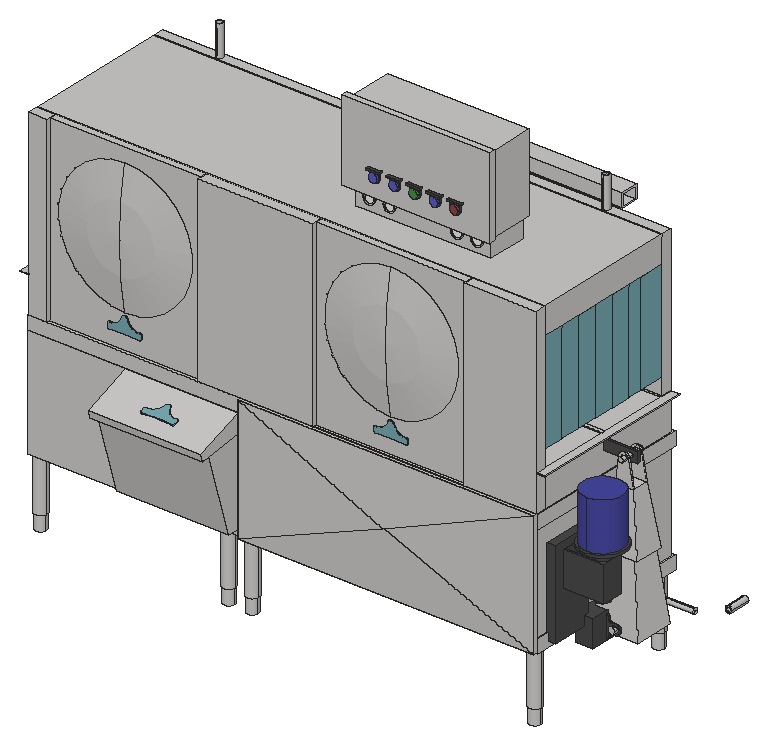
Revit family
Parameters (values of type "208/60/1")
  Width = 6' - 3 1/2"  # constant formula
  Weight in Pounds = 1350  # constant formula
  Watermarked By = "http://revitwatermark.com"
  Waste Water Discharge Temperature [instance] = -459.67 °F
  Volts = 208 V
  Ventilation Remarks [instance] = ""
  URL Cutsheet = ""
  URL = "www.stero.com"
  Total Height = 5' - 10 1/2"
  Table Height = 2' - 10"
  Swing Doors [instance] = no
  Steam Supply Volume [instance] = 0.00 GPM
  Steam Supply Size = 3/4"
  Steam Supply RI Height [instance] = 0' - 0"
  Steam Supply Minimum Pressure = 15.00 psi
  Steam Supply Maximum Pressure = 40.00 psi
  Steam Supply Connection Height = 0' - 10"
  Steam Pounds per Hour = 100
  Status [instance] = ""
  Standard Doors [instance] = not(Swing Doors)  # yes
  Specification by User [instance] = ""
  Specification by Manufacturer = ""
  Single Door Opening [instance] = if(Swing Doors, 2' 0", 1' 10 1/2")  # 1' - 10 1/2"
  Serial Number [instance] = ""
  Seismic Rating [instance] = ""
  SMACNA No [instance] = ""
  Right Ventilation Remarks [instance] = ""
  Right Vent [instance] = no
  Right Exhaust Volume [instance] = if(Right Vent, 400 CFM, 0 CFM)  # 0 CFM
  Right Exhaust Vent Width = 0' - 3 7/8"
  Right Exhaust Vent Text = "Vent, Unload End"  # constant formula
  Right Exhaust Vent Depth = 2' - 0 7/8"
  Right Exhaust Static Press = 0.00 in-wg
  Right Exhaust RI Height [instance] = 0' - 0"
  Right Exhaust Item Number [instance] = "-"
  Right Drain [instance] = not(Left Drain)  # yes
  Revision Code [instance] = ""
  Plumbing Remarks [instance] = ""
  Plumbing Connection Type [instance] = ""
  Phase = 1
  Number of Poles [instance] = 1
  NAFEM Spec ID Number [instance] = ""
  Model = "ER-76S"
  Mechanical Remarks [instance] = ""
  Mechanical Connection Type [instance] = ""
  Masterspec = ""
  Manufacturer = "Stero"
  Machine Height = 4' - 7 1/2"
  Left Vent [instance] = no
  Left Drain [instance] = no
  Item Number [instance] = "-"
  Installed By [instance] = ""
  Indirect Waste Size = 2"
  Indirect Waste Flow [instance] = 0.00 GPM
  Indirect Waste Connection Type [instance] = ""
  Indirect Waste Connection Height = 0' - 6"
  Hot Water Usage Rack = "0.5 Gal/Rack"
  Hot Water Usage = "118 GPH"
  Hot Water Temperature = 180 °F
  Hot Water Size = 3/4"
  Hot Water RI Height [instance] = 0' - 0"
  Hot Water Minimum Pressure = 20.00 psi
  Hot Water Maximum Pressure = 20.00 psi
  Hot Water Flow = 1.97 GPM
  Hot Water Consumption = 1.97 GPM
  Hot Water Connection Height = 5' - 0"
  HP = "3.58"  # constant formula
  Furnished By [instance] = ""
  Foodservice Equipment Identifier [instance] = yes
  FL Amps = 12.5 A
  Exhaust Volume [instance] = if(Left Vent, 200 CFM, 0 CFM)  # 0 CFM
  Exhaust Vent Width = 0' - 3 7/8"
  Exhaust Vent Text = "Vent, Load End"  # constant formula
  Exhaust Vent Depth = 2' - 0 7/8"
  Exhaust Static Press = 0.00 in-wg
  Exhaust RI Height [instance] = 0' - 0"
  Electrical Remarks [instance] = ""
  Electric Connection Type [instance] = ""
  Elec Conn RI Height [instance] = 0' - 0"
  Elec Conn Connection Height = 5' - 8 1/2"
  Double Door Opening [instance] = if(Swing Doors, 3' 0", 1' 10 1/2")  # 1' - 10 1/2"
  Description = "Dishwasher, Conveyor"
  Depth = 2' - 1"
  Cycle = 60 Hz
  Conn Conduit = yes
  Condensate Return Size = 1/2"
  Condensate Return RI Height [instance] = 0' - 0"
  Condensate Return Connection Height = 0' - 8"
  Cold Water Temperature Recommended [instance] = -459.67 °F
  Cold Water Size = 3/4"
  Cold Water RI Height [instance] = 0' - 0"
  Cold Water Minimum Pressure [instance] = 0.00 psi
  Cold Water Maximum Pressure [instance] = 0.00 psi
  Cold Water Flow [instance] = 0.00 GPM
  Cold Water Consumption [instance] = ""
  Cold Water Connection Height = 5' - 0"
  CSI MasterFormat = "11 48 13"
  Building Plumbing Remarks [instance] = ""
  Building Hot Water Temperature = 140 °F
  Building Hot Water Size = 3/4"
  Building Hot Water RI Height [instance] = 0' - 0"
  Building Hot Water Minimum Pressure = 20.00 psi
  Building Hot Water Maximum Pressure = 20.00 psi
  Building Hot Water Flow [instance] = 0.00 GPM
  Building Hot Water Consumption [instance] = 0.00 GPM
  Building Hot Water Connection Height = 5' - 0"
  Building HW Item Number [instance] = "-"
  Assembly Code = "E1090320"
  Apparent Power = if(Phase = 3, Volts * FL Amps * 1.73, Volts * FL Amps)  # 2600 VA
Reference planes (in)
  plane 1: z = 0
  plane 2 "Left of Bottom": x = 2.32772
  plane 3 "BACK": y = -48
  plane 4 "TOP": z = 70.5
  plane 5 "RIGHT": x = 46.32772
  plane 6 "FRONT": y = -73
  plane 7 "Right of Top": x = 46.07772
  plane 8 "Right of Ledge": x = 47.57772
  plane 9 "Right End Cowl": x = 56.32772
  plane 10: x = 49.39022
  plane 11 "Bottom of Machine": z = 10
  plane 12 "Table Height": z = 34
  plane 13 "Top of Machine": z = 55.5
  plane 14 "Panel Top": z = 28.5
  plane 15: z = 12
  plane 16: y = -73.5
  plane 17: y = -47.5
  plane 18: x = 2.07772
  plane 19 "Right of Bottom": x = 46.57772
  plane 20: y = -49.625
  plane 21: y = -71.375
  plane 22 "Door Center": x = 24.32772
  plane 23: x = 13.07772
  plane 24: x = 35.57772
  plane 25 "Top of Opening": z = 51.5
  plane 26: z = 2.25
  plane 27: x = 14.32772
  plane 28: x = 34.32772
  plane 29: x = 13.32772
  plane 30: x = 35.32772
  plane 31 "Front of Lower Panel": y = -66.5
  plane 32: y = -60.5
  plane 33: y = -67
  plane 34 "Back of Panel": y = -60
  plane 35 "Front of Upper Panel": y = -68
  plane 36: x = 13.82772
  plane 37: x = 34.82772
  plane 38: x = 56.20272
  plane 39: x = 53.26522
  plane 40: y = -48.0625
  plane 41: y = -72.9375
  plane 42 "Top of Vents": z = 59.5
  plane 43: x = 9.82772
  plane 44: x = 38.82772
  plane 45: y = -45
  plane 46: z = 57.5
  plane 47: y = -43
  plane 48: z = 84.5
  plane 49: x = -39.17228
  plane 50: x = -32.23478
  plane 51: x = -39.04728
  plane 52: x = -36.10978
  plane 53 "Left of Middle": x = -29.29728
  plane 54 "LEFT": x = -29.17228
  plane 55: x = -30.42228
  plane 56: x = -28.92228
  plane 57: x = -3.98478
  plane 58: x = -26.48478
  plane 59 "Left of Bin": x = -14.67228
  plane 60: z = 13.625
  plane 61: z = 8.5
  plane 62 "Drain": y = -51
  plane 63: y = -80
  plane 64: z = 8
  plane 65: x = 52.32772
  plane 66: x = 57.32772
  plane 67: x = -26.23478
  plane 68: x = -4.23478
  plane 69: x = 13.32772
  plane 70: x = 35.32772
  plane 71: x = 25.76522
  plane 72: x = 24.39022
  plane 73: x = 24.26522
  plane 74: x = 22.89022
  plane 75: x = -5.42228
Forms (in)
  Extrusion 1, solid, material "QF_Finishes_Stainless Steel"
    sketch origin (0, 0, 10) x (0, 1, 0) y (-1, 0, 0)
      loop
        line (-47.5, -2.07772) -> (-73, -2.07772) -> (-73, -46.57772) -> (-47.5, -46.57772) -> (-47.5, -2.07772)
    from 0 to 2
  Extrusion 2, solid, material "QF_Finishes_Stainless Steel"
    sketch origin (0, 0, 28.5) x (0, 1, 0) y (-1, 0, 0)
      loop
        line (-48, -2.32772) -> (-73, -2.32772) -> (-73, -46.32772) -> (-48, -46.32772) -> (-48, -2.32772)
    from 0 to -16.5
  Extrusion 3, solid, material "QF_Finishes_Stainless Steel"
    sketch origin (0, 0, 34) x (0, 1, 0) y (-1, 0, 0)
      loop
        line (-48, -46.32772) -> (-73, -46.32772) -> (-73, -47.57772) -> (-48, -47.57772) -> (-48, -46.32772)
    from 0 to -0.125
  Extrusion 4, solid, material "QF_Finishes_Stainless Steel"
    sketch origin (0, 0, 34) x (0, 1, 0) y (-1, 0, 0)
      loop
        line (-48, 29.17228) -> (-71.375, 29.17228) -> (-71.375, -46.32772) -> (-48, -46.32772) -> (-48, 29.17228)
    from -0.25 to -5.5
  Extrusion 5, solid, material "QF_Finishes_Stainless Steel"
    sketch origin (0, 0, 34) x (0, 1, 0) y (-1, 0, 0)
      loop
        line (-60.25, 29.17228) -> (-60.75, 29.17228) -> (-60.75, -46.32772) -> (-60.25, -46.32772) -> (-60.25, 29.17228)
      loop
        line (-48, 29.17228) -> (-49.625, 29.17228) -> (-49.625, -46.32772) -> (-48, -46.32772) -> (-48, 29.17228)
    from 0 to -0.25
  Extrusion 6, solid, material "QF_Finishes_Stainless Steel"
    sketch origin (0, 0, 55.5) x (0, 1, 0) y (-1, 0, 0)
      loop
        line (-49.625, 29.17228) -> (-71.375, 29.17228) -> (-71.375, -46.32772) -> (-49.625, -46.32772) -> (-49.625, 29.17228)
    from 0 to -4
  Extrusion 7, solid, material "QF_Finishes_Stainless Steel"
    sketch origin (0, 0, 55.5) x (0, 1, 0) y (-1, 0, 0)
      loop
        line (-48, 29.17228) -> (-49.625, 29.17228) -> (-49.625, -46.32772) -> (-48, -46.32772) -> (-48, 29.17228)
    from 0 to -21.5
  Extrusion 8, solid, material "QF_Finishes_Stainless Steel"
    sketch origin (0, -73, 0) x (-1, 0, 0) y (0, 0, 1)
      loop
        line (3.98478, 55.5) -> (-13.07772, 55.5) -> (-13.07772, 28.5) -> (3.98478, 28.5) -> (3.98478, 55.5)
    from 0 to 1.625
  Blend 9, solid, material "QF_Finishes_Stainless Steel"
    base sketch origin (-15.01335, -74, 48) x (-1, 0, 0) y (0, 0, 1)
      loop
        line (-17.34107, -19.5) -> (-61.34107, -19.5) -> (-61.34107, -38) -> (-17.34107, -38) -> (-17.34107, -19.5)
    top sketch origin (-15.01335, -74, 48) x (-1, 0, 0) y (0, 0, 1)
      loop
        line (-39.37232, -28.71875) -> (-39.37232, -28.78125) -> (-39.30982, -28.78125) -> (-39.30982, -28.71875) -> (-39.37232, -28.71875)
    from 0.5 to 0
  Extrusion 10, solid, material "QF_Finishes_Stainless Steel"
    sketch origin (0, 0, 10) x (0, 1, 0) y (-1, 0, 0)
      loop
        line (-73, -2.32772) -> (-73.5, -2.32772) -> (-73.5, -46.32772) -> (-73, -46.32772) -> (-73, -2.32772)
    from 0 to 18.5
  Extrusion 11, solid, material "QF_Finishes_Stainless Steel"
    sketch origin (0, -73, 0) x (-1, 0, 0) y (0, 0, 1)
      loop
        line (-35.57772, 55.5) -> (-46.32772, 55.5) -> (-46.32772, 28.5) -> (-35.57772, 28.5) -> (-35.57772, 55.5)
    from 0 to 1.625
  Extrusion 12, solid, material "QF_Finishes_Stainless Steel", visible <- "Standard Doors"
    sketch origin (0, 0, 55.5) x (0, 1, 0) y (-1, 0, 0)
      loop
        line (-71.375, -13.07772) -> (-72.5, -13.07772) -> (-72.5, -35.57772) -> (-71.375, -35.57772) -> (-71.375, -13.07772)
    from 0 to -27
  Revolve 13, solid, material "QF_Finishes_Stainless Steel", visible <- "Standard Doors"
    sketch origin (24.32772, 0, 0) x (0, 1, 0) y (0, 0, 1)
      loop
        line (-72.5, 43.5) -> (-72.5, 53.5)
        arc (-72.5, 53.5) -> (-73.26244, 48.52624) -> (-73.5, 43.5) r 48
        line (-73.5, 43.5) -> (-72.5, 43.5)
      axis (-72.5, 43.5) -> (-73.5, 43.5)
    angle from 0 to 360
  Extrusion 14, solid, material "QF_Finishes_Stainless Steel"
    sketch origin (0, 0, 0) x (1, 0, 0) y (0, 1, 0)
      loop
        circle (3.32772, -49) r 0.8125
    from 0 to 2.25
  Extrusion 15, solid, material "QF_Finishes_Stainless Steel"
    sketch origin (0, 0, 0) x (1, 0, 0) y (0, 1, 0)
      loop
        circle (3.32772, -49) r 0.9375
    from 2.25 to 10
  Extrusion 16, solid, material "QF_Finishes_Stainless Steel"
    sketch origin (48.65544, 0, 0) x (-1, 0, 0) y (0, -1, 0)
      loop
        circle (3.32772, 49) r 0.8125
    from 0 to 2.25
  Extrusion 17, solid, material "QF_Finishes_Stainless Steel"
    sketch origin (48.65544, 0, 0) x (-1, 0, 0) y (0, -1, 0)
      loop
        circle (3.32772, 49) r 0.9375
    from 2.25 to 10
  Extrusion 18, solid, material "QF_Finishes_Stainless Steel"
    sketch origin (0, -121, 0) x (1, 0, 0) y (0, 1, 0)
      loop
        circle (3.32772, 49) r 0.8125
    from 0 to 2.25
  Extrusion 19, solid, material "QF_Finishes_Stainless Steel"
    sketch origin (0, -121, 0) x (1, 0, 0) y (0, 1, 0)
      loop
        circle (3.32772, 49) r 0.9375
    from 2.25 to 10
  Extrusion 20, solid, material "QF_Finishes_Stainless Steel"
    sketch origin (48.65544, -121, 0) x (-1, 0, 0) y (0, -1, 0)
      loop
        circle (3.32772, -49) r 0.8125
    from 0 to 2.25
  Extrusion 21, solid, material "QF_Finishes_Stainless Steel"
    sketch origin (48.65544, -121, 0) x (-1, 0, 0) y (0, -1, 0)
      loop
        circle (3.32772, -49) r 0.9375
    from 2.25 to 10
  Extrusion 22, solid, material "QF_Finishes_Light Blue"
    sketch origin (0, 0, 51.5) x (0, 1, 0) y (-1, 0, 0)
      loop
        line (-49.625, -46.32772) -> (-49.625, -46.20272) -> (-53.625, -46.20272) -> (-53.625, -46.32772) -> (-49.625, -46.32772)
      loop
        line (-53.75, -46.32772) -> (-53.75, -46.20272) -> (-55.75, -46.20272) -> (-55.75, -46.32772) -> (-53.75, -46.32772)
      loop
        line (-55.875, -46.32772) -> (-55.875, -46.20272) -> (-58.875, -46.20272) -> (-58.875, -46.32772) -> (-55.875, -46.32772)
      loop
        line (-59, -46.32772) -> (-59, -46.20272) -> (-62, -46.20272) -> (-62, -46.32772) -> (-59, -46.32772)
      loop
        line (-62.125, -46.32772) -> (-62.125, -46.20272) -> (-65.125, -46.20272) -> (-65.125, -46.32772) -> (-62.125, -46.32772)
      loop
        line (-65.25, -46.32772) -> (-65.25, -46.20272) -> (-68.25, -46.20272) -> (-68.25, -46.32772) -> (-65.25, -46.32772)
      loop
        line (-68.375, -46.32772) -> (-68.375, -46.20272) -> (-71.375, -46.20272) -> (-71.375, -46.32772) -> (-68.375, -46.32772)
    from 0 to -15
  Extrusion 23, solid, material "QF_Finishes_Stainless Steel"
    sketch origin (0, 0, 55.5) x (0, 1, 0) y (-1, 0, 0)
      loop
        line (-60.5, -14.32772) -> (-66.5, -14.32772) -> (-66.5, -34.32772) -> (-60.5, -34.32772) -> (-60.5, -14.32772)
    from 0 to 3.5
  Extrusion 24, solid, material "QF_Finishes_Stainless Steel"
    sketch origin (0, 0, 55.5) x (0, 1, 0) y (-1, 0, 0)
      loop
        line (-60, -13.82772) -> (-67, -13.82772) -> (-67, -34.82772) -> (-60, -34.82772) -> (-60, -13.82772)
    from 3 to 14.5
  Extrusion 25, solid, material "QF_Finishes_Stainless Steel"
    sketch origin (0, 0, 55.5) x (0, 1, 0) y (-1, 0, 0)
      loop
        line (-67, -13.32772) -> (-68, -13.32772) -> (-68, -35.32772) -> (-67, -35.32772) -> (-67, -13.32772)
    from 3 to 15
  Extrusion 26, solid, material "QF_Finishes_Stainless Steel"
    sketch origin (0, -66.5, 0) x (-1, 0, 0) y (0, 0, 1)
      loop
        circle (-16.32772, 57.25) r 0.75
      loop
        circle (-16.32772, 57.25) r 0.875
    from 0 to -0.125
  Extrusion 27, solid, material "QF_Finishes_White"
    sketch origin (0, -66.5, 0) x (-1, 0, 0) y (0, 0, 1)
      loop
        circle (-16.32772, 57.25) r 0.75
    from 0 to -0.0625
  Extrusion 28, solid, material "QF_Finishes_Stainless Steel"
    sketch origin (48.65544, -66.5, 0) x (1, 0, 0) y (0, 0, -1)
      loop
        circle (-16.32772, -57.25) r 0.75
      loop
        circle (-16.32772, -57.25) r 0.875
    from 0 to -0.125
  Extrusion 29, solid, material "QF_Finishes_White"
    sketch origin (48.65544, -66.5, 0) x (1, 0, 0) y (0, 0, -1)
      loop
        circle (-16.32772, -57.25) r 0.75
    from 0 to -0.0625
  Extrusion 30, solid, material "QF_Finishes_Black"
    sketch origin (1.5, -68, 0) x (-1, 0, 0) y (0, 0, 1)
      loop
        line (-23.82772, 62.5) -> (-23.82772, 62.25) -> (-21.82772, 62.25) -> (-21.82772, 62.5) -> (-23.82772, 62.5)
      loop
        line (-20.82772, 62.5) -> (-20.82772, 62.25) -> (-18.82772, 62.25) -> (-18.82772, 62.5) -> (-20.82772, 62.5)
      loop
        line (-24.82772, 62.5) -> (-26.82772, 62.5) -> (-26.82772, 62.25) -> (-24.82772, 62.25) -> (-24.82772, 62.5)
      loop
        line (-27.82772, 62.5) -> (-29.82772, 62.5) -> (-29.82772, 62.25) -> (-27.82772, 62.25) -> (-27.82772, 62.5)
      loop
        line (-17.82772, 62.5) -> (-17.82772, 62.25) -> (-15.82772, 62.25) -> (-15.82772, 62.5) -> (-17.82772, 62.5)
    from 0 to -0.5
  Extrusion 31, solid, material "QF_Finishes_Navy Blue"
    sketch origin (1.5, -68, 0) x (-1, 0, 0) y (0, 0, 1)
      loop
        circle (-19.82772, 61.375) r 0.625
    from -0.125 to -0.375
  Extrusion 32, solid, material "QF_Finishes_LED Green"
    sketch origin (4.5, -68, 0) x (-1, 0, 0) y (0, 0, 1)
      loop
        circle (-19.82772, 61.375) r 0.625
    from -0.125 to -0.375
  Extrusion 33, solid, material "QF_Finishes_Navy Blue"
    sketch origin (7.5, -68, 0) x (-1, 0, 0) y (0, 0, 1)
      loop
        circle (-19.82772, 61.375) r 0.625
    from -0.125 to -0.375
  Extrusion 34, solid, material "QF_Finishes_LED Red"
    sketch origin (10.5, -68, 0) x (-1, 0, 0) y (0, 0, 1)
      loop
        circle (-19.82772, 61.375) r 0.625
    from -0.125 to -0.375
  Extrusion 35, solid, material "QF_Finishes_Black"
    sketch origin (1.5, -68, 0) x (-1, 0, 0) y (0, 0, 1)
      loop
        arc (-20.57772, 61.375) -> (-19.82772, 60.625) -> (-19.07772, 61.375) r 0.75
        line (-19.07772, 61.375) -> (-19.07772, 62.25) -> (-20.57772, 62.25) -> (-20.57772, 61.375)
      loop
        arc (-23.57772, 61.375) -> (-22.82772, 60.625) -> (-22.07772, 61.375) r 0.75
        line (-22.07772, 61.375) -> (-22.07772, 62.25) -> (-23.57772, 62.25) -> (-23.57772, 61.375)
      loop
        arc (-26.57772, 61.375) -> (-25.82772, 60.625) -> (-25.07772, 61.375) r 0.75
        line (-25.07772, 61.375) -> (-25.07772, 62.25) -> (-26.57772, 62.25) -> (-26.57772, 61.375)
      loop
        arc (-29.57772, 61.375) -> (-28.82772, 60.625) -> (-28.07772, 61.375) r 0.75
        line (-28.07772, 61.375) -> (-28.07772, 62.25) -> (-29.57772, 62.25) -> (-29.57772, 61.375)
      loop
        arc (-17.57772, 61.375) -> (-16.82772, 60.625) -> (-16.07772, 61.375) r 0.75
        line (-16.07772, 61.375) -> (-16.07772, 62.25) -> (-17.57772, 62.25) -> (-17.57772, 61.375)
    from 0 to -0.125
  Extrusion 36, solid, material "QF_Finishes_Light Blue", visible <- "Standard Doors"
    sketch origin (0, -73, 0) x (-1, 0, 0) y (0, 0, 1)
      loop
        line (-23.71645, 30.65632) -> (-22.08461, 30.57309)
        arc (-22.08461, 30.57309) -> (-21.90443, 30.64773) -> (-21.82979, 30.82792) r 0.25483
        line (-21.82979, 30.82792) -> (-21.82979, 31.31285)
        arc (-21.82979, 31.31285) -> (-21.90343, 31.49062) -> (-22.08121, 31.56426) r 0.25142
        arc (-22.08121, 31.56426) -> (-23.22593, 31.7803) -> (-23.90311, 32.72819) r 1.56264
        arc (-23.90311, 32.72819) -> (-24.31726, 33.06213) -> (-24.74741, 32.74907) r 0.43733
        arc (-24.74741, 32.74907) -> (-25.42049, 31.78611) -> (-26.57423, 31.56426) r 1.56264
        arc (-26.57423, 31.56426) -> (-26.75201, 31.49062) -> (-26.82565, 31.31285) r 0.25142
        line (-26.82565, 31.31285) -> (-26.82565, 30.82792)
        arc (-26.82565, 30.82792) -> (-26.75101, 30.64773) -> (-26.57082, 30.57309) r 0.25483
        line (-26.57082, 30.57309) -> (-24.93898, 30.65632)
        arc (-24.93898, 30.65632) -> (-24.32772, 30.6719) -> (-23.71645, 30.65632) r 12
    from 0.5 to 0.4375
  Extrusion 37, solid, material "QF_Finishes_Stainless Steel", visible <- "Right Vent"
    sketch origin (46.07772, 0, 0) x (0, -1, 0) y (0, 0, 1)
      loop
        line (73, 55.5) -> (48, 55.5) -> (48, 50.5625) -> (49.625, 48.9375) -> (49.625, 49.11428) -> (48.125, 50.61428) -> (48.125, 55.375) -> (72.875, 55.375) -> (72.875, 39.17678) -> (71.375, 37.67678) -> (71.375, 37.5) -> (73, 39.125) -> (73, 55.5)
    from -0.25 to -10.125
  Extrusion 38, solid, material "QF_Finishes_Stainless Steel", visible <- "Right Vent"
    sketch origin (56.32772, 0, 0) x (0, 1, 0) y (0, 0, 1)
      loop
        line (-71.375, 37.5) -> (-71.375, 51.5) -> (-49.625, 51.5) -> (-49.625, 48.9375) -> (-48, 50.5625) -> (-48, 55.5) -> (-73, 55.5) -> (-73, 39.125) -> (-71.375, 37.5)
    from 0 to -0.125
  Extrusion 39, solid, material "QF_Finishes_Stainless Steel", visible <- "Right Vent"
    sketch origin (48.65544, 0, 55.5) x (0, 1, 0) y (-1, 0, 0)
      loop
        line (-48.0625, -4.60978) -> (-48.0625, -0.73478) -> (-72.9375, -0.73478) -> (-72.9375, -4.60978) -> (-48.0625, -4.60978)
      loop
        line (-48.1875, -4.48478) -> (-48.1875, -0.85978) -> (-72.8125, -0.85978) -> (-72.8125, -4.48478) -> (-48.1875, -4.48478)
    from 0 to 4
  Extrusion 40, void
    sketch origin (0, 0, 55.5) x (0, 1, 0) y (-1, 0, 0)
      loop
        line (-48.1875, -49.51522) -> (-72.8125, -49.51522) -> (-72.8125, -53.14022) -> (-48.1875, -53.14022) -> (-48.1875, -49.51522)
    from 0 to -0.125
  Extrusion 41, solid, material "QF_Finishes_Black"
    sketch origin (0, -73, 0) x (-1, 0, 0) y (0, 0, 1)
      loop
        line (-46.57772, 12) -> (-46.32772, 12) -> (-46.32772, 23.9375) -> (-47.70272, 23.9375) -> (-47.70272, 10.9375) -> (-46.57772, 10.9375) -> (-46.57772, 12)
    from 1.8125 to 7.8125
  Extrusion 42, solid, material "QF_Finishes_Black"
    sketch origin (0, 0, 10) x (0, 1, 0) y (-1, 0, 0)
      loop
        circle (-68.1875, -52.32772) r 1.0625
    from 7.1875 to 7.6875
  Extrusion 43, solid, material "QF_Finishes_Black"
    sketch origin (0, 0, 10) x (0, 1, 0) y (-1, 0, 0)
      loop
        circle (-68.1875, -52.32772) r 1.3125
    from 12.9375 to 13.4375
  Blend 44, solid, material "QF_Finishes_Black"
    base sketch origin (0, 0, 10) x (0, 1, 0) y (-1, 0, 0)
      loop
        circle (-68.1875, -52.32772) r 1.3125
    top sketch origin (0, 0, 10) x (0, 1, 0) y (-1, 0, 0)
      loop
        circle (-68.1875, -52.32772) r 2.0625
    from 13.4375 to 14.4375
  Extrusion 45, solid, material "QF_Finishes_Black"
    sketch origin (0, 0, 10) x (0, 1, 0) y (-1, 0, 0)
      loop
        circle (-68.1875, -52.32772) r 3.25
    from 14.4375 to 14.8125
  Extrusion 46, solid, material "QF_Finishes_Blue"
    sketch origin (0, 0, 10) x (0, 1, 0) y (-1, 0, 0)
      loop
        circle (-68.1875, -52.32772) r 2.875
    from 14.8125 to 21.9375
  Extrusion 47, solid, material "QF_Finishes_Black"
    sketch origin (0, -73, 0) x (-1, 0, 0) y (0, 0, 1)
      loop
        line (-46.32772, 33.1875) -> (-51.57772, 33.1875) -> (-51.57772, 31.6875) -> (-46.32772, 31.6875) -> (-46.32772, 33.1875)
      loop
        circle (-50.57772, 32.4375) r 0.375
    from 12.3125 to 12.6875
  Extrusion 48, solid, material "QF_Finishes_Black"
    sketch origin (0, -73, 0) x (-1, 0, 0) y (0, 0, 1)
      loop
        line (-46.32772, 12) -> (-46.32772, 12.4375) -> (-49.07772, 12.4375) -> (-49.07772, 8.4375) -> (-46.57772, 8.4375) -> (-46.57772, 12) -> (-46.32772, 12)
    from 7 to 18
  Extrusion 49, solid, material "QF_Finishes_Black"
    sketch origin (0, -73, 0) x (-1, 0, 0) y (0, 0, 1)
      loop
        line (-49.07772, 12.125) -> (-49.32772, 12.125)
        arc (-49.32772, 12.125) -> (-49.5045, 12.05178) -> (-49.57772, 11.875) r 0.25
        line (-49.57772, 11.875) -> (-49.57772, 11.5625)
        arc (-49.57772, 11.5625) -> (-49.68755, 11.29733) -> (-49.95272, 11.1875) r 0.375
        line (-49.95272, 11.1875) -> (-50.57772, 11.1875)
        arc (-50.57772, 11.1875) -> (-51.32772, 10.4375) -> (-50.57772, 9.6875) r 0.75
        line (-50.57772, 9.6875) -> (-49.95272, 9.6875)
        arc (-49.95272, 9.6875) -> (-49.68755, 9.57767) -> (-49.57772, 9.3125) r 0.375
        line (-49.57772, 9.3125) -> (-49.57772, 9)
        arc (-49.57772, 9) -> (-49.5045, 8.82322) -> (-49.32772, 8.75) r 0.25
        line (-49.32772, 8.75) -> (-49.07772, 8.75) -> (-49.07772, 12.125)
      loop
        circle (-50.57772, 10.4375) r 0.5
    from 9.375 to 9.5
  Extrusion 50, solid, material "QF_Finishes_Black"
    sketch origin (0, -66.875, 0) x (-1, 0, 0) y (0, 0, 1)
      loop
        line (-49.07772, 12.125) -> (-49.32772, 12.125)
        arc (-49.32772, 12.125) -> (-49.5045, 12.05178) -> (-49.57772, 11.875) r 0.25
        line (-49.57772, 11.875) -> (-49.57772, 11.5625)
        arc (-49.57772, 11.5625) -> (-49.68755, 11.29733) -> (-49.95272, 11.1875) r 0.375
        line (-49.95272, 11.1875) -> (-50.57772, 11.1875)
        arc (-50.57772, 11.1875) -> (-51.32772, 10.4375) -> (-50.57772, 9.6875) r 0.75
        line (-50.57772, 9.6875) -> (-49.95272, 9.6875)
        arc (-49.95272, 9.6875) -> (-49.68755, 9.57767) -> (-49.57772, 9.3125) r 0.375
        line (-49.57772, 9.3125) -> (-49.57772, 9)
        arc (-49.57772, 9) -> (-49.5045, 8.82322) -> (-49.32772, 8.75) r 0.25
        line (-49.32772, 8.75) -> (-49.07772, 8.75) -> (-49.07772, 12.125)
      loop
        circle (-50.57772, 10.4375) r 0.5
    from 9.375 to 9.5
  Extrusion 51, solid, material "QF_Finishes_Stainless Steel"
    sketch origin (0, -73, 0) x (-1, 0, 0) y (0, 0, 1)
      loop
        circle (-50.32772, 32.4375) r 0.375
      loop
        line (-51.06584, 32.57045) -> (-51.76522, 28.6875) -> (-49.14022, 28.6875) -> (-49.5896, 32.57045)
        arc (-49.5896, 32.57045) -> (-50.32772, 33.1875) -> (-51.06584, 32.57045) r 0.75
    from 11.25 to 11.375
  Extrusion 52, solid, material "QF_Finishes_Stainless Steel"
    sketch origin (0, -48, 0) x (-1, 0, 0) y (0, 0, -1)
      loop
        circle (-50.32772, -32.4375) r 0.375
      loop
        arc (-51.06584, -32.57045) -> (-50.32772, -33.1875) -> (-49.5896, -32.57045) r 0.75
        line (-49.5896, -32.57045) -> (-49.14022, -28.6875) -> (-51.76522, -28.6875) -> (-51.06584, -32.57045)
    from 11.25 to 11.375
  Extrusion 53, solid, material "QF_Finishes_Stainless Steel"
    sketch origin (0, -73, 0) x (-1, 0, 0) y (0, 0, 1)
      loop
        circle (-50.32772, 32.4375) r 0.375
    from 10.75 to 14.25
  Blend 54, solid, material "QF_Finishes_Stainless Steel"
    base sketch origin (0, 0, 34) x (0, 1, 0) y (-1, 0, 0)
      loop
        line (-58.25, -47.89022) -> (-62.75, -47.89022) -> (-62.75, -53.01522) -> (-58.25, -53.01522) -> (-58.25, -47.89022)
    top sketch origin (0, 0, 34) x (0, 1, 0) y (-1, 0, 0)
      loop
        line (-59.25, -49.14022) -> (-61.75, -49.14022) -> (-61.75, -51.76522) -> (-59.25, -51.76522) -> (-59.25, -49.14022)
    from -14.0625 to -5.3125
  Blend 55, solid, material "QF_Finishes_Stainless Steel"
    base sketch origin (0, 0, 25.25) x (0, 1, 0) y (-1, 0, 0)
      loop
        line (-57.5, -47.14022) -> (-63.5, -47.14022) -> (-63.5, -53.76522) -> (-57.5, -53.76522) -> (-57.5, -47.14022)
    top sketch origin (0, 0, 25.25) x (0, 1, 0) y (-1, 0, 0)
      loop
        line (-58.5, -48.14022) -> (-62.5, -48.14022) -> (-62.5, -52.51522) -> (-58.5, -52.51522) -> (-58.5, -48.14022)
    from -15.5625 to -5.3125
  Extrusion 56, solid, material "QF_Finishes_Stainless Steel"
    sketch origin (0, -73, -22) x (-1, 0, 0) y (0, 0, 1)
      loop
        circle (-50.32772, 32.4375) r 0.5
    from 9 to 16
  Extrusion 57, solid, material "QF_Finishes_Stainless Steel"
    sketch origin (0, 0, 55.5) x (0, 1, 0) y (-1, 0, 0)
      loop
        circle (-48.75, -37.32772) r 0.375
      loop
        circle (-48.75, -37.32772) r 0.5
    from 0 to 4.5
  Extrusion 58, solid, material "QF_Finishes_Stainless Steel"
    sketch origin (2.32772, 0, 0) x (0, 1, 0) y (0, 0, 1)
      loop
        line (-45, 57.5) -> (-47.75, 57.5) -> (-47.75, 55.5) -> (-45, 55.5) -> (-45, 57.5)
      loop
        line (-45.125, 57.375) -> (-47.625, 57.375) -> (-47.625, 55.625) -> (-45.125, 55.625) -> (-45.125, 57.375)
    from 7.5 to 36.5
  Extrusion 59, solid, material "QF_Finishes_Stainless Steel"
    sketch origin (2.32772, 0, 0) x (0, 1, 0) y (0, 0, 1)
      loop
        line (-47.75, 55.5) -> (-47.75, 55.625) -> (-48, 55.625) -> (-48, 55.5) -> (-47.75, 55.5)
    from 7.5 to 36.5
  Extrusion 60, solid, material "QF_Finishes_Stainless Steel"
    sketch origin (0, -60, 0) x (-1, 0, 0) y (0, 0, 1)
      loop
        circle (-34.32772, 68.5) r 0.25
    from 0 to 0.0625
  Extrusion 61, solid, material "QF_Finishes_Stainless Steel"
    sketch origin (0, -1, 10) x (0, 1, 0) y (-1, 0, 0)
      loop
        circle (-50, -18.32772) r 1
      loop
        circle (-50, -18.32772) r 1.125
    from 0 to -4
  Extrusion 62, solid, material "QF_Finishes_Clearance", detail levels coarse
    sketch origin (0, 0, 0) x (1, 0, 0) y (0, 1, 0)
      loop
        line (-30.42228, -47.5) -> (9.82772, -47.5) -> (9.82772, -45) -> (38.82772, -45) -> (38.82772, -47.5) -> (47.57772, -47.5) -> (47.57772, -43) -> (-30.42228, -43) -> (-30.42228, -47.5)
    from 0 to 70.5
  Extrusion 63, solid, material "QF_Finishes_Clearance", visible <- "Standard Doors", detail levels coarse
    sketch origin (0, -73, 0) x (-1, 0, 0) y (0, 0, 1)
      loop
        line (-13.07772, 84.5) -> (-35.57772, 84.5) -> (-35.57772, 55.5) -> (-13.07772, 55.5) -> (-13.07772, 84.5)
    from 0 to 1.625
  Extrusion 64, solid, material "QF_Finishes_Clearance", visible <- "Right Vent", detail levels coarse
    sketch origin (0, 0, 0) x (1, 0, 0) y (0, 1, 0)
      loop
        line (47.57772, -43) -> (47.57772, -47.5) -> (56.32772, -47.5) -> (56.32772, -43) -> (47.57772, -43)
    from 0 to 70.5
  Extrusion 65, solid, material "QF_Finishes_Stainless Steel"
    sketch origin (3, -66.5, 0) x (-1, 0, 0) y (0, 0, 1)
      loop
        circle (-16.32772, 57.25) r 0.75
      loop
        circle (-16.32772, 57.25) r 0.875
    from 0 to -0.125
  Extrusion 66, solid, material "QF_Finishes_White"
    sketch origin (3, -66.5, 0) x (-1, 0, 0) y (0, 0, 1)
      loop
        circle (-16.32772, 57.25) r 0.75
    from 0 to -0.0625
  Extrusion 67, solid, material "QF_Finishes_Stainless Steel"
    sketch origin (45.65544, -66.5, 0) x (1, 0, 0) y (0, 0, -1)
      loop
        circle (-16.32772, -57.25) r 0.75
      loop
        circle (-16.32772, -57.25) r 0.875
    from 0 to -0.125
  Extrusion 68, solid, material "QF_Finishes_White"
    sketch origin (45.65544, -66.5, 0) x (1, 0, 0) y (0, 0, -1)
      loop
        circle (-16.32772, -57.25) r 0.75
    from 0 to -0.0625
  Extrusion 69, solid, material "QF_Finishes_Stainless Steel", visible <- "Left Vent"
    sketch origin (-19.17228, 0, 0) x (0, 1, 0) y (0, 0, 1)
      loop
        line (-73, 55.5) -> (-73, 39.125) -> (-71.375, 37.5) -> (-71.375, 37.67678) -> (-72.875, 39.17678) -> (-72.875, 55.375) -> (-48.125, 55.375) -> (-48.125, 50.61428) -> (-49.625, 49.11428) -> (-49.625, 48.9375) -> (-48, 50.5625) -> (-48, 55.5) -> (-73, 55.5)
    from -10 to -19.875
  Extrusion 70, solid, material "QF_Finishes_Stainless Steel", visible <- "Left Vent"
    sketch origin (-39.17228, 0, 0) x (0, 1, 0) y (0, 0, 1)
      loop
        line (-71.375, 37.5) -> (-71.375, 51.5) -> (-49.625, 51.5) -> (-49.625, 48.9375) -> (-48, 50.5625) -> (-48, 55.5) -> (-73, 55.5) -> (-73, 39.125) -> (-71.375, 37.5)
    from 0 to 0.125
  Extrusion 71, solid, material "QF_Finishes_Stainless Steel", visible <- "Left Vent"
    sketch origin (-21.75, 0, 55.5) x (0, 1, 0) y (-1, 0, 0)
      loop
        line (-48.0625, 14.35978) -> (-72.9375, 14.35978) -> (-72.9375, 10.48478) -> (-48.0625, 10.48478) -> (-48.0625, 14.35978)
      loop
        line (-48.1875, 14.23478) -> (-72.8125, 14.23478) -> (-72.8125, 10.60978) -> (-48.1875, 10.60978) -> (-48.1875, 14.23478)
    from 0 to 4
  Extrusion 72, solid, material "QF_Finishes_Clearance", visible <- "Left Vent", detail levels coarse
    sketch origin (-21.75, 0, 0) x (1, 0, 0) y (0, 1, 0)
      loop
        line (-17.42228, -43) -> (-17.42228, -47.5) -> (-8.67228, -47.5) -> (-8.67228, -43) -> (-17.42228, -43)
    from 0 to 70.5
  Extrusion 73, solid, material "QF_Finishes_Stainless Steel"
    sketch origin (-21.5, 0, 34) x (0, 1, 0) y (-1, 0, 0)
      loop
        line (-48, 7.67228) -> (-48, 8.92228) -> (-73, 8.92228) -> (-73, 7.67228) -> (-48, 7.67228)
    from 0 to -0.125
  Extrusion 74, solid, material "QF_Finishes_Stainless Steel"
    sketch origin (0, 0, 26.5) x (0, 1, 0) y (-1, 0, 0)
      loop
        line (-47.5, 29.29728) -> (-73, 29.29728) -> (-73, -46.57772) -> (-47.5, -46.57772) -> (-47.5, 29.29728)
    from 0 to 2
  Extrusion 75, solid, material "QF_Finishes_Light Blue"
    sketch origin (27.15544, 0, 51.5) x (0, 1, 0) y (-1, 0, 0)
      loop
        line (-49.625, 56.32772) -> (-53.625, 56.32772) -> (-53.625, 56.20272) -> (-49.625, 56.20272) -> (-49.625, 56.32772)
      loop
        line (-53.75, 56.32772) -> (-55.75, 56.32772) -> (-55.75, 56.20272) -> (-53.75, 56.20272) -> (-53.75, 56.32772)
      loop
        line (-55.875, 56.32772) -> (-58.875, 56.32772) -> (-58.875, 56.20272) -> (-55.875, 56.20272) -> (-55.875, 56.32772)
      loop
        line (-59, 56.32772) -> (-62, 56.32772) -> (-62, 56.20272) -> (-59, 56.20272) -> (-59, 56.32772)
      loop
        line (-62.125, 56.32772) -> (-65.125, 56.32772) -> (-65.125, 56.20272) -> (-62.125, 56.20272) -> (-62.125, 56.32772)
      loop
        line (-65.25, 56.32772) -> (-68.25, 56.32772) -> (-68.25, 56.20272) -> (-65.25, 56.20272) -> (-65.25, 56.32772)
      loop
        line (-68.375, 56.32772) -> (-71.375, 56.32772) -> (-71.375, 56.20272) -> (-68.375, 56.20272) -> (-68.375, 56.32772)
    from 0 to -15
  Extrusion 76, solid, material "QF_Finishes_Stainless Steel"
    sketch origin (-18.9375, -73, 0) x (-1, 0, 0) y (0, 0, 1)
      loop
        line (10.23478, 55.5) -> (7.54728, 55.5) -> (7.54728, 28.5) -> (10.23478, 28.5) -> (10.23478, 55.5)
    from 0 to 1.625
  Extrusion 77, solid, material "QF_Finishes_Stainless Steel", visible <- "Standard Doors"
    sketch origin (-32.6875, 0, 55.5) x (0, 1, 0) y (-1, 0, 0)
      loop
        line (-71.375, -6.20272) -> (-72.5, -6.20272) -> (-72.5, -28.70272) -> (-71.375, -28.70272) -> (-71.375, -6.20272)
    from 0 to -27
  Extrusion 78, solid, material "QF_Finishes_Clearance", visible <- "Standard Doors", detail levels coarse
    sketch origin (-32.6875, -73, 0) x (-1, 0, 0) y (0, 0, 1)
      loop
        line (-6.20272, 84.5) -> (-28.70272, 84.5) -> (-28.70272, 55.5) -> (-6.20272, 55.5) -> (-6.20272, 84.5)
    from 0.5 to 1.625
  Extrusion 79, solid, material "QF_Finishes_Stainless Steel"
    sketch origin (0, -73, 0) x (-1, 0, 0) y (0, 0, 1)
      loop
        line (29.29728, 26.5) -> (-2.07772, 26.5) -> (-2.07772, 10) -> (29.29728, 10) -> (29.29728, 26.5)
    from 0 to 25
  Extrusion 80, solid, material "QF_Finishes_Stainless Steel"
    sketch origin (-14.67228, 0, 0) x (0, 1, 0) y (0, 0, 1)
      loop
        line (-73, 10.9375) -> (-73, 23.75) -> (-78.50369, 23.01085) -> (-74.8125, 10.9375) -> (-73, 10.9375)
    from 0 to 16.75
  Extrusion 81, solid, material "QF_Finishes_Stainless Steel"
    sketch origin (-14.67228, 0, 0) x (0, 1, 0) y (0, 0, 1)
      loop
        line (-73, 23.75) -> (-73, 26.4375) -> (-80, 23.88971) -> (-79.75188, 22.84321) -> (-73, 23.75)
    from 0 to 16.75
  Extrusion 82, solid, material "QF_Finishes_Light Blue"
    sketch origin (-28.59375, -106.64897, 14.72237) x (-1, 0, 0) y (0, 0.939693, 0.34202)
      loop
        line (-21.68485, 30.65632) -> (-20.05301, 30.57309)
        arc (-20.05301, 30.57309) -> (-19.87283, 30.64773) -> (-19.79819, 30.82792) r 0.25483
        line (-19.79819, 30.82792) -> (-19.79819, 31.31285)
        arc (-19.79819, 31.31285) -> (-19.87183, 31.49062) -> (-20.0496, 31.56426) r 0.25142
        arc (-20.0496, 31.56426) -> (-21.19433, 31.7803) -> (-21.87151, 32.72819) r 1.56264
        arc (-21.87151, 32.72819) -> (-22.28566, 33.06213) -> (-22.71581, 32.74907) r 0.43733
        arc (-22.71581, 32.74907) -> (-23.38889, 31.78611) -> (-24.54263, 31.56426) r 1.56264
        arc (-24.54263, 31.56426) -> (-24.72041, 31.49062) -> (-24.79405, 31.31285) r 0.25142
        line (-24.79405, 31.31285) -> (-24.79405, 30.82792)
        arc (-24.79405, 30.82792) -> (-24.71941, 30.64773) -> (-24.53922, 30.57309) r 0.25483
        line (-24.53922, 30.57309) -> (-22.90738, 30.65632)
        arc (-22.90738, 30.65632) -> (-22.29612, 30.6719) -> (-21.68485, 30.65632) r 12
    from 0.5 to 0.4375
  Extrusion 83, solid, material "QF_Finishes_Navy Blue"
    sketch origin (-1.5, -68, 0) x (-1, 0, 0) y (0, 0, 1)
      loop
        circle (-19.82772, 61.375) r 0.625
    from -0.125 to -0.375
  Extrusion 84, solid, material "QF_Finishes_Stainless Steel"
    sketch origin (-30, 0, 55.5) x (0, 1, 0) y (-1, 0, 0)
      loop
        circle (-48.75, -38.82772) r 0.375
      loop
        circle (-48.75, -38.82772) r 0.5
    from 0 to 4.5
  Extrusion 85, solid, material "QF_Finishes_Stainless Steel"
    sketch origin (-50.5, 0, 55.5) x (0, 1, 0) y (-1, 0, 0)
      loop
        circle (-48.75, -30.32772) r 0.375
      loop
        circle (-48.75, -30.32772) r 0.5
    from 0 to 4.5
  Sweep 86, solid, material "QF_Finishes_Stainless Steel"
    path origin (0, -51, 0) x (-1, 0, 0) y (0, 0, 1)
      loop
        line (-18.32772, 8.5) -> (16.54728, 8.5)
        arc (16.54728, 8.5) -> (17.9615, 9.08579) -> (18.54728, 10.5) r 2
        line (18.54728, 10.5) -> (18.54728, 10.9375)
    profile origin (0.89022, -51, 8.5) x (0, 0, 1) y (0, 1, 0)
      loop
        circle (0, 0) r 1
      loop
        circle (0, 0) r 1.125
  Extrusion 87, solid, material "QF_Finishes_Stainless Steel"
    sketch origin (-21.75, 0, 10) x (0, 1, 0) y (-1, 0, 0)
      loop
        circle (-51, -14.57772) r 1
      loop
        circle (-51, -14.57772) r 1.125
    from -1.5 to -4
  Extrusion 88, solid, material "QF_Finishes_Stainless Steel", visible <- "Right Drain"
    sketch origin (-1.4375, 0, 0) x (1, 0, 0) y (0, 1, 0)
      loop
        circle (-5.73478, -51) r 1
    from 6 to 6.25
  Extrusion 89, solid, material "QF_Finishes_Stainless Steel", visible <- "Left Drain"
    sketch origin (0, -1, 0) x (1, 0, 0) y (0, 1, 0)
      loop
        circle (18.32772, -50) r 1
    from 6 to 6.25
  Extrusion 90, void
    sketch origin (0, 0, 55.5) x (0, 1, 0) y (-1, 0, 0)
      loop
        line (-48.1875, 35.98478) -> (-72.8125, 35.98478) -> (-72.8125, 32.35978) -> (-48.1875, 32.35978) -> (-48.1875, 35.98478)
    from 0 to -0.125
  Revolve 91, solid, material "QF_Finishes_Stainless Steel", visible <- "Standard Doors"
    sketch origin (-15.23478, 0, 0) x (0, 1, 0) y (0, 0, 1)
      loop
        line (-72.5, 43.5) -> (-72.5, 53.5)
        arc (-72.5, 53.5) -> (-73.26244, 48.52624) -> (-73.5, 43.5) r 48
        line (-73.5, 43.5) -> (-72.5, 43.5)
      axis (-72.5, 43.5) -> (-73.5, 43.5)
    angle from 0 to 360
  Extrusion 92, solid, material "QF_Finishes_Light Blue", visible <- "Standard Doors"
    sketch origin (-39.5625, -73, 0) x (-1, 0, 0) y (0, 0, 1)
      loop
        line (-23.71645, 30.65632) -> (-22.08461, 30.57309)
        arc (-22.08461, 30.57309) -> (-21.90443, 30.64773) -> (-21.82979, 30.82792) r 0.25483
        line (-21.82979, 30.82792) -> (-21.82979, 31.31285)
        arc (-21.82979, 31.31285) -> (-21.90343, 31.49062) -> (-22.08121, 31.56426) r 0.25142
        arc (-22.08121, 31.56426) -> (-23.22593, 31.7803) -> (-23.90311, 32.72819) r 1.56264
        arc (-23.90311, 32.72819) -> (-24.31726, 33.06213) -> (-24.74741, 32.74907) r 0.43733
        arc (-24.74741, 32.74907) -> (-25.42049, 31.78611) -> (-26.57423, 31.56426) r 1.56264
        arc (-26.57423, 31.56426) -> (-26.75201, 31.49062) -> (-26.82565, 31.31285) r 0.25142
        line (-26.82565, 31.31285) -> (-26.82565, 30.82792)
        arc (-26.82565, 30.82792) -> (-26.75101, 30.64773) -> (-26.57082, 30.57309) r 0.25483
        line (-26.57082, 30.57309) -> (-24.93898, 30.65632)
        arc (-24.93898, 30.65632) -> (-24.32772, 30.6719) -> (-23.71645, 30.65632) r 12
    from 0.5 to 0.4375
  Extrusion 93, solid, material "QF_Finishes_Stainless Steel"
    sketch origin (-3.5, 0, 0) x (1, 0, 0) y (0, 1, 0)
      loop
        circle (3.32772, -49) r 0.8125
    from 0 to 2.25
  Extrusion 94, solid, material "QF_Finishes_Stainless Steel"
    sketch origin (-3.5, 0, 0) x (1, 0, 0) y (0, 1, 0)
      loop
        circle (3.32772, -49) r 0.9375
    from 2.25 to 10
  Extrusion 95, solid, material "QF_Finishes_Stainless Steel"
    sketch origin (-3.5, -121, 0) x (1, 0, 0) y (0, 1, 0)
      loop
        circle (3.32772, 49) r 0.8125
    from 0 to 2.25
  Extrusion 96, solid, material "QF_Finishes_Stainless Steel"
    sketch origin (-3.5, -121, 0) x (1, 0, 0) y (0, 1, 0)
      loop
        circle (3.32772, 49) r 0.9375
    from 2.25 to 10
  Extrusion 97, solid, material "QF_Finishes_Stainless Steel"
    sketch origin (-31.5, 0, 0) x (1, 0, 0) y (0, 1, 0)
      loop
        circle (3.32772, -49) r 0.8125
    from 0 to 2.25
  Extrusion 98, solid, material "QF_Finishes_Stainless Steel"
    sketch origin (-31.5, 0, 0) x (1, 0, 0) y (0, 1, 0)
      loop
        circle (3.32772, -49) r 0.9375
    from 2.25 to 10
  Extrusion 99, solid, material "QF_Finishes_Stainless Steel"
    sketch origin (-31.5, -121, 0) x (1, 0, 0) y (0, 1, 0)
      loop
        circle (3.32772, 49) r 0.8125
    from 0 to 2.25
  Extrusion 100, solid, material "QF_Finishes_Stainless Steel"
    sketch origin (-31.5, -121, 0) x (1, 0, 0) y (0, 1, 0)
      loop
        circle (3.32772, 49) r 0.9375
    from 2.25 to 10
  Extrusion 101, solid, material "QF_Finishes_Stainless Steel"
    sketch origin (0, -48, 0) x (1, 0, 0) y (0, 0, 1)
      loop
        circle (57.32772, 10) r 0.375
      loop
        circle (57.32772, 10) r 0.5
    from 0 to 3
  Sweep 102, solid, material "QF_Finishes_Stainless Steel"
    path origin (0, -51, 0) x (-1, 0, 0) y (0, 0, 1)
      loop
        line (-52.32772, 8) -> (-46.32772, 8)
        arc (-46.32772, 8) -> (-45.62061, 8.29289) -> (-45.32772, 9) r 1
        line (-45.32772, 9) -> (-45.32772, 10)
    profile origin (49.32772, -51, 8) x (0, 0, 1) y (0, 1, 0)
      loop
        circle (0, 0) r 0.25
      loop
        circle (0, 0) r 0.375
  Extrusion 103, solid, material "QF_Finishes_Black"
    sketch origin (-0.25, 0, 10) x (0, 1, 0) y (-1, 0, 0)
      loop
        line (-66.875, -52.32772) -> (-66.875, -48.20272) -> (-69.5, -48.20272) -> (-69.5, -52.32772)
        arc (-69.5, -52.32772) -> (-68.1875, -51.01522) -> (-66.875, -52.32772) r 1.3125
      loop
        line (-69.75, -53.95272) -> (-66.625, -53.95272) -> (-66.625, -47.95272) -> (-69.75, -47.95272) -> (-69.75, -53.95272)
    from 7.6875 to 12.9375
  Extrusion 104, solid, material "QF_Finishes_Stainless Steel", not visible
    sketch origin (-14.67228, 0, 0) x (0, 1, 0) y (0, 0, 1)
      loop
        line (-73, 10.9375) -> (-73, 23.75) -> (-78.50369, 23.01085) -> (-74.8125, 10.9375) -> (-73, 10.9375)
    from 0 to 16.75
  Extrusion 105, solid, material "QF_Finishes_Stainless Steel", not visible
    sketch origin (-14.67228, 0, 0) x (0, 1, 0) y (0, 0, 1)
      loop
        line (-73, 23.75) -> (-73, 26.4375) -> (-80, 23.88971) -> (-79.75188, 22.84321) -> (-73, 23.75)
    from 0 to 16.75
  Extrusion 106, solid, material "QF_Finishes_Light Blue", not visible
    sketch origin (-28.59375, -106.64897, 14.72237) x (-1, 0, 0) y (0, 0.939693, 0.34202)
      loop
        line (-21.68485, 30.65632) -> (-20.05301, 30.57309)
        arc (-20.05301, 30.57309) -> (-19.87283, 30.64773) -> (-19.79819, 30.82792) r 0.25483
        line (-19.79819, 30.82792) -> (-19.79819, 31.31285)
        arc (-19.79819, 31.31285) -> (-19.87183, 31.49062) -> (-20.0496, 31.56426) r 0.25142
        arc (-20.0496, 31.56426) -> (-21.19433, 31.7803) -> (-21.87151, 32.72819) r 1.56264
        arc (-21.87151, 32.72819) -> (-22.28566, 33.06213) -> (-22.71581, 32.74907) r 0.43733
        arc (-22.71581, 32.74907) -> (-23.38889, 31.78611) -> (-24.54263, 31.56426) r 1.56264
        arc (-24.54263, 31.56426) -> (-24.72041, 31.49062) -> (-24.79405, 31.31285) r 0.25142
        line (-24.79405, 31.31285) -> (-24.79405, 30.82792)
        arc (-24.79405, 30.82792) -> (-24.71941, 30.64773) -> (-24.53922, 30.57309) r 0.25483
        line (-24.53922, 30.57309) -> (-22.90738, 30.65632)
        arc (-22.90738, 30.65632) -> (-22.29612, 30.6719) -> (-21.68485, 30.65632) r 12
    from 0.5 to 0.4375
  Extrusion 107, solid, material "QF_Finishes_Stainless Steel", visible <- "Swing Doors"
    sketch origin (0, 0, 55.5) x (0, 1, 0) y (-1, 0, 0)
      loop
        line (-71.375, -13.32772) -> (-73, -13.32772) -> (-73, -24.26522) -> (-71.375, -24.26522) -> (-71.375, -13.32772)
    from 0 to -27
  Extrusion 108, solid, material "QF_Finishes_Stainless Steel", visible <- "Swing Doors"
    sketch origin (0, 0, 55.5) x (0, 1, 0) y (-1, 0, 0)
      loop
        line (-71.375, -24.39022) -> (-73, -24.39022) -> (-73, -35.32772) -> (-71.375, -35.32772) -> (-71.375, -24.39022)
    from 0 to -27
  Sweep 109, solid, material "QF_Finishes_Stainless Steel", visible <- "Swing Doors"
    path origin (22.88682, 0.00637, 0) x (0, 1, 0) y (0, 0, 1)
      loop
        line (-73, 47.0625) -> (-73.625, 47.0625)
        arc (-73.625, 47.0625) -> (-73.97855, 46.91605) -> (-74.125, 46.5625) r 0.5
        line (-74.125, 46.5625) -> (-74.125, 38.3125)
        arc (-74.125, 38.3125) -> (-73.97855, 37.95895) -> (-73.625, 37.8125) r 0.5
        line (-73.625, 37.8125) -> (-73, 37.8125)
    profile origin (22.88682, -73.30613, 47.0625) x (0, 0, -1) y (1, 0, 0)
      loop
        circle (0, 0) r 0.375
  Sweep 110, solid, material "QF_Finishes_Stainless Steel", visible <- "Swing Doors"
    path origin (25.76182, 0.00637, 0) x (0, 1, 0) y (0, 0, 1)
      loop
        line (-73, 47.0625) -> (-73.625, 47.0625)
        arc (-73.625, 47.0625) -> (-73.97855, 46.91605) -> (-74.125, 46.5625) r 0.5
        line (-74.125, 46.5625) -> (-74.125, 38.3125)
        arc (-74.125, 38.3125) -> (-73.97855, 37.95895) -> (-73.625, 37.8125) r 0.5
        line (-73.625, 37.8125) -> (-73, 37.8125)
    profile origin (25.76182, -73.30613, 47.0625) x (0, 0, -1) y (1, 0, 0)
      loop
        circle (0, 0) r 0.375
  Extrusion 111, solid, material "QF_Finishes_Stainless Steel", visible <- "Swing Doors"
    sketch origin (-5.0034, 0.00637, 52.4375) x (0, 1, 0) y (-1, 0, 0)
      loop
        circle (-73.25, -18.07772) r 0.25
    from 0 to -3
  Extrusion 112, solid, material "QF_Finishes_Stainless Steel", visible <- "Swing Doors"
    sketch origin (-5.0034, 0.00637, 35.8125) x (0, 1, 0) y (-1, 0, 0)
      loop
        circle (-73.25, -18.07772) r 0.25
    from 0 to -3
  Extrusion 113, solid, material "QF_Finishes_Stainless Steel", visible <- "Swing Doors"
    sketch origin (27.4966, 0.00637, 52.4375) x (0, 1, 0) y (-1, 0, 0)
      loop
        circle (-73.25, -8.07772) r 0.25
    from 0 to -3
  Extrusion 114, solid, material "QF_Finishes_Stainless Steel", visible <- "Swing Doors"
    sketch origin (27.4966, 0.00637, 35.8125) x (0, 1, 0) y (-1, 0, 0)
      loop
        circle (-73.25, -8.07772) r 0.25
    from 0 to -3
  Extrusion 115, solid, material "QF_Finishes_Stainless Steel", visible <- "Swing Doors"
    sketch origin (-34.5625, 0, 55.5) x (0, 1, 0) y (-1, 0, 0)
      loop
        line (-71.375, -8.32772) -> (-73, -8.32772) -> (-73, -30.32772) -> (-71.375, -30.32772) -> (-71.375, -8.32772)
    from 0 to -27
  Sweep 116, solid, material "QF_Finishes_Stainless Steel", visible <- "Swing Doors"
    path origin (-5.42228, -19.02724, 48) x (0, 1, 0) y (0, 0, 1)
      loop
        line (-53.96639, -0.9375) -> (-54.59139, -0.9375)
        arc (-54.59139, -0.9375) -> (-54.94494, -1.08395) -> (-55.09139, -1.4375) r 0.5
        line (-55.09139, -1.4375) -> (-55.09139, -9.6875)
        arc (-55.09139, -9.6875) -> (-54.94494, -10.04105) -> (-54.59139, -10.1875) r 0.5
        line (-54.59139, -10.1875) -> (-53.96639, -10.1875)
    profile origin (-5.42228, -73.30613, 47.0625) x (0, 0, -1) y (1, 0, 0)
      loop
        circle (0, 0) r 0.375
  Extrusion 117, solid, material "QF_Finishes_Stainless Steel", visible <- "Swing Doors"
    sketch origin (-39.5659, 0.00637, 52.4375) x (0, 1, 0) y (-1, 0, 0)
      loop
        circle (-73.25, -13.07772) r 0.25
    from 0 to -3
  Extrusion 118, solid, material "QF_Finishes_Stainless Steel", visible <- "Swing Doors"
    sketch origin (-39.5659, 0.00637, 35.8125) x (0, 1, 0) y (-1, 0, 0)
      loop
        circle (-73.25, -13.07772) r 0.25
    from 0 to -3
Cuts and joins
  Extrusion 40 cuts Extrusion 37
  Extrusion 40 cuts Extrusion 39
  Extrusion 90 cuts Extrusion 69
  Extrusion 90 cuts Extrusion 71
Lines and regions (in)
  symbolic lines
    curve 1: line (-30.42228, -48, 10) -> (47.57772, -48, 10)
    curve 2: line (47.57772, -73, 10) -> (-30.42228, -73, 10)
    curve 3: line (46.32772, -48, 10) -> (46.32772, -73, 10)
    curve 7: line (9.82772, -48, 10) -> (9.82772, -45, 10)
    curve 8: line (9.82772, -45, 10) -> (38.82772, -45, 10)
    curve 9: line (38.82772, -45, 10) -> (38.82772, -48, 10)
    curve 10: line (47.57772, -48, 10) -> (47.57772, -73, 10)
    curve 11: line (13.82772, -60, 10) -> (34.82772, -60, 10)
    curve 12: line (13.82772, -67, 10) -> (13.82772, -60, 10)
    curve 13: line (34.82772, -67, 10) -> (13.82772, -67, 10)
    curve 14: line (34.82772, -60, 10) -> (34.82772, -67, 10)
    curve 15: line (34.82772, -67, 10) -> (35.32772, -67, 10)
    curve 16: line (35.32772, -67, 10) -> (35.32772, -68, 10)
    curve 17: line (35.32772, -68, 10) -> (13.32772, -68, 10)
    curve 18: line (13.32772, -68, 10) -> (13.32772, -67, 10)
    curve 19: line (13.32772, -67, 10) -> (13.82772, -67, 10)
    curve 36: line (-29.17228, -48, 0) -> (-29.17228, -73, 0)
    curve 37: line (-26.48478, -73, 0) -> (-26.48478, -71.375, 0)
    curve 38: line (-26.48478, -71.375, 0) -> (-3.98478, -71.375, 0)
    curve 39: line (-3.98478, -71.375, 0) -> (-3.98478, -73, 0)
    curve 41: line (-14.67228, -73, 0) -> (-14.67228, -80, 0)
    curve 42: line (-14.67228, -80, 0) -> (2.07772, -80, 0)
    curve 43: line (2.07772, -80, 0) -> (2.07772, -73, 0)
    curve 44: line (13.07772, -73, 0) -> (13.07772, -71.375, 0)
    curve 45: line (13.07772, -71.375, 0) -> (35.57772, -71.375, 0)
    curve 46: line (35.57772, -71.375, 0) -> (35.57772, -73, 0)
    curve 48: line (-30.42228, -73, 55.5) -> (-30.42228, -48, 55.5)
  symbolic lines, visible <- "Right Vent"
    curve 4: line (46.32772, -48, 10) -> (56.32772, -48, 10)
    curve 5: line (56.32772, -48, 10) -> (56.32772, -73, 10)
    curve 6: line (56.32772, -73, 10) -> (46.32772, -73, 10)
    curve 20: line (49.39022, -48.0625, 10) -> (53.26522, -48.0625, 10)
    curve 21: line (49.39022, -72.9375, 10) -> (49.39022, -48.0625, 10)
    curve 22: line (53.26522, -72.9375, 10) -> (49.39022, -72.9375, 10)
    curve 23: line (53.26522, -48.0625, 10) -> (53.26522, -72.9375, 10)
  symbolic lines, style "QF_Clearances", detail levels coarse
    curve 24: line (-30.42228, -43, 0) -> (47.57772, -43, 0)
  symbolic lines, style "QF_Clearances", visible <- "Right Vent", detail levels coarse
    curve 25: line (47.57772, -43, 0) -> (56.32772, -43, 0)
    curve 26: line (56.32772, -43, 0) -> (56.32772, -47.5, 0)
  symbolic lines, visible <- "Left Vent"
    curve 27: line (-39.17228, -48, 10) -> (-39.17228, -73, 10)
    curve 28: line (-36.10978, -48.0625, 10) -> (-32.23478, -48.0625, 10)
    curve 29: line (-36.10978, -72.9375, 10) -> (-36.10978, -48.0625, 10)
    curve 30: line (-32.23478, -72.9375, 10) -> (-36.10978, -72.9375, 10)
    curve 31: line (-32.23478, -48.0625, 10) -> (-32.23478, -72.9375, 10)
    curve 34: line (-29.17228, -48, 10) -> (-39.17228, -48, 10)
    curve 35: line (-39.17228, -73, 10) -> (-29.17228, -73, 10)
  symbolic lines, style "QF_Clearances", visible <- "Left Vent", detail levels coarse
    curve 32: line (-39.17228, -47.5, 0) -> (-39.17228, -43, 0)
    curve 33: line (-39.17228, -43, 0) -> (-30.42228, -43, 0)
  symbolic lines, visible <- "Standard Doors"
    curve 40: line (-3.98478, -72.5, 0) -> (-26.48478, -72.5, 0)
    curve 47: line (13.07772, -72.5, 0) -> (35.57772, -72.5, 0)
  symbolic lines, visible <- "Swing Doors"
    curve 49: line (24.39022, -71.375, 55.5) -> (24.39022, -79.75336, 55.5)
    curve 50: line (24.26522, -79.75336, 55.5) -> (24.26522, -71.375, 55.5)
    curve 51: line (22.51182, -72.99363, 52.4375) -> (22.51182, -74.11863, 52.4375)
    curve 52: line (23.26182, -72.99363, 52.4375) -> (23.26182, -74.11863, 52.4375)
    curve 53: arc (22.51182, -74.11863, 52.4375) -> (22.88682, -74.49363, 52.4375) -> (23.26182, -74.11863, 52.4375) r 0.375
    curve 54: line (25.38682, -72.99363, 52.4375) -> (25.38682, -74.11863, 52.4375)
    curve 55: line (26.13682, -72.99363, 52.4375) -> (26.13682, -74.11863, 52.4375)
    curve 56: arc (25.38682, -74.11863, 52.4375) -> (25.76182, -74.49363, 52.4375) -> (26.13682, -74.11863, 52.4375) r 0.375
    curve 61: line (-4.23478, -73.00336, 55.5) -> (-4.23478, -71.375, 55.5)
    curve 62: line (-4.29728, -72.99363, 52.4375) -> (-4.29728, -74.11863, 52.4375)
    curve 63: line (-3.54728, -72.99363, 52.4375) -> (-3.54728, -74.11863, 52.4375)
    curve 64: arc (-4.29728, -74.11863, 52.4375) -> (-3.92228, -74.49363, 52.4375) -> (-3.54728, -74.11863, 52.4375) r 0.375
  symbolic lines, style "QF_Clearances", visible <- "Swing Doors", detail levels coarse
    curve 57: line (13.07772, -79.75336, 55.5) -> (13.07772, -90.94086, 55.5)
    curve 58: arc (13.07772, -90.94086, 55.5) -> (20.98848, -87.66411, 55.5) -> (24.26522, -79.75336, 55.5) r 11.1875
    curve 59: line (35.57772, -79.75336, 55.5) -> (35.57772, -90.94086, 55.5)
    curve 60: arc (35.57772, -90.94086, 55.5) -> (27.66696, -87.66411, 55.5) -> (24.39022, -79.75336, 55.5) r 11.1875
    curve 65: line (-26.48478, -73, 55.5) -> (-26.48478, -95.5, 55.5)
    curve 66: arc (-26.48478, -95.5, 55.5) -> (-10.57488, -88.9099, 55.5) -> (-3.98478, -73, 55.5) r 22.5
  symbolic lines, style "QF_Surface Details"
    curve 67: line (-6.07611, -56.80775, 52.4375) -> (22.92389, -56.80775, 52.4375)
    curve 68: line (22.92389, -56.80775, 52.4375) -> (18.42389, -54.31336, 52.4375)
    curve 69: line (22.92389, -56.80775, 52.4375) -> (18.42389, -59.30214, 52.4375)
Dimensions and locks (in)
  "Depth": plane 6 "FRONT" to plane 3 "BACK"
  locked: plane 7 "Right of Top" to plane 5 "RIGHT" at 0.25
  locked: plane 7 "Right of Top" to plane 8 "Right of Ledge" at 1.5
  locked: plane 11 "Bottom of Machine" to level at 10
  "Table Height": plane 12 "Table Height" to level
  "Machine Height": plane 13 "Top of Machine" to level
  "Total Height": plane 4 "TOP" to level
  locked: plane 15 to plane 11 "Bottom of Machine" at 2
  locked: plane 12 "Table Height" to plane 14 "Panel Top" at 5.5
  locked: plane 6 "FRONT" to plane 16 at 0.5
  locked: plane 3 "BACK" to plane 17 at 0.5
  locked: plane 18 to plane 2 "Left of Bottom" at 0.25
  locked: plane 5 "RIGHT" to plane 19 "Right of Bottom" at 0.25
  locked: plane 3 "BACK" to plane 20 at 1.625
  locked: plane 6 "FRONT" to plane 21 at 1.625
  "Double Door Opening": plane 23 to plane 24
  locked: plane 13 "Top of Machine" to plane 25 "Top of Opening" at 4
  locked: plane 22 "Door Center" to Blend 9 sketch curve at 0.03125  (x2)
  locked: Extrusion 12 sketch curve to plane 21 at 1.125
  locked: plane 26 to level at 2.25
  plane 18 to Extrusion 14 sketch curve = 0' - 1 1/4"
  plane 17 to Extrusion 14 sketch curve = 0' - 1 1/2"
  locked: plane 17 to Extrusion 15 sketch curve at 1.5
  locked: plane 18 to Extrusion 15 sketch curve at 1.25
  locked: plane 17 to Extrusion 16 sketch curve at 1.5
